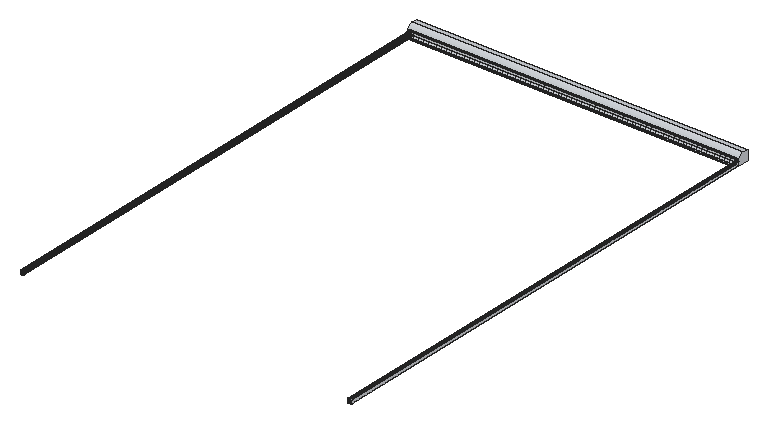
Revit family "StyRa® Zip Screen Z560", category Generic Models, host Face, Revit 2023
Family settings
  Host = Face
  Can host rebar = No
  Round Connector Dimension = Use Diameter
  Part Type = Normal
  Cut with Voids When Loaded = No
  Maintain Annotation Orientation = No
  Shared = No
  Room Calculation Point = No
Parameters (values of type "StyRa® Zip Screen Z560")
  Öppet och Stängt Max [instance] = if(Öppet och Stängt > 5857 mm, 5857 mm, if(Öppet och Stängt < 60 mm, 60 mm, Öppet och Stängt))  # 60 mm
  Öppet och Stängt [instance] = 0 mm
  URL = "www.styrasolskydd.se"
  Tillverkare = "StyRa® & KD Solskydd AB"  # constant formula
  Telefon = "0586-401 20"  # constant formula
  Postadress = "693 33 Degerfors"  # constant formula
  Max Höjd [instance] = if(Höjd > 6000 mm, 6000 mm, if(Höjd < 100 mm, 100 mm, Höjd))  # 6000 mm
  Max Bredd [instance] = if(Bredd > 4000 mm, 4000 mm, if(Bredd < 100 mm, 100 mm, Bredd))  # 4000 mm
  Kassett Round [instance] = not(Kassett Square)  # yes
  Kassett Square [instance] = no
  Höjd [instance] = 7000 mm
  E-post = "info@kdsolskydd.se"  # constant formula
  Default Elevation = 1219.2 mm
  Bredd [instance] = 7000 mm
  Adress = "Kranvägen 11"  # constant formula
Reference planes
  plane 1 "Center (Front/Back)": y = 0
  plane 2: z = 0
  plane 3 "Center (Left/Right)": x = 0
  plane 4 "Vänster Utsida": x = -2000
  plane 5 "Höger Utsida": x = 2000
  plane 6 "UK Kassett": y = 5857
  plane 7 "Öppet/Stängt": y = 5797
  plane 8: y = 0
  plane 9: y = 3800
  plane 10: x = -1963
  plane 11: x = 1963
  plane 12: x = 1963
  plane 13: z = 22.824
  plane 14: y = 6000
Forms (mm)
  Extrusion 1, solid
    sketch origin (0, 0, 17.824) x (1, 0, 0) y (0, 1, 0)
      loop
        line (-1973.903, 5833) -> (1973.779, 5833) -> (1973.779, 5857) -> (-1973.903, 5857) -> (-1973.903, 5833)
    from 4 to 5
Dimensions and locks
  equal spacing: plane 5 "Höger Utsida", plane 3 "Center (Left/Right)", plane 4 "Vänster Utsida"
  plane 5 "Höger Utsida" to plane 4 "Vänster Utsida" = 4000 mm
  "Max Bredd": plane 4 "Vänster Utsida" to plane 5 "Höger Utsida"
  equal spacing: plane 4 "Vänster Utsida", plane 3 "Center (Left/Right)", plane 5 "Höger Utsida"
  "Max Höjd": plane 14 to plane 1 "Center (Front/Back)"
  "Öppet och Stängt Max": plane 6 "UK Kassett" to plane 7 "Öppet/Stängt"
  plane 4 "Vänster Utsida" to plane 10 = 37 mm
  locked: plane 11 to plane 5 "Höger Utsida" at 37
  locked: plane 12 to plane 5 "Höger Utsida" at 37
  locked: plane 6 "UK Kassett" to plane 14 at 143
  aligned and locked: plane 2 to host face
  aligned and locked: level to host face
  aligned and locked: plane 5 "Höger Utsida" to nested 1
  aligned and locked: nested 1 to plane 4 "Vänster Utsida"
  aligned and locked: nested 1 to plane 6 "UK Kassett"
  aligned and locked: plane 5 "Höger Utsida" to nested 2
  aligned and locked: nested 2 to plane 4 "Vänster Utsida"
  aligned and locked: nested 2 to plane 6 "UK Kassett"
  aligned and locked: nested 4 to plane 6 "UK Kassett"  (x2)
  aligned and locked: nested 3 to plane 4 "Vänster Utsida"
  aligned and locked: plane 6 "UK Kassett" to nested 3  (x2)
  aligned and locked: nested 4 to plane 8
  aligned and locked: plane 8 to nested 3
  aligned and locked: nested 4 to plane 5 "Höger Utsida"
  aligned and locked: nested 5 to plane 7 "Öppet/Stängt"
  aligned and locked: plane 12 to nested 5
  aligned and locked: nested 5 to plane 10
  aligned and locked: Extrusion 1 sketch curve to nested 5
  aligned and locked: plane 14 to nested 2  (x2)
Automatic sketch dimensions
  host sketch curve to host sketch curve = 2438.4 mm  (x2)
  Extrusion 1 sketch curve to plane 6 "UK Kassett" = 0 mm
  plane 10 to Extrusion 1 sketch curve = 10.903 mm
  plane 11 to Extrusion 1 sketch curve = 10.779 mm
Nested families
  nested 1: "Kassett" at (0, 5857, 0), visible <- "Kassett Round", type "ZIP135 Basic"
    with Bredd 4000 mm
  nested 2: "Kassett" at (0, 5857, 0), visible <- "Kassett Square", type "ZIP135 Square"
    with Bredd 4000 mm
  nested 3: "Styrskena och Wire" at (-1962.83, 0, 0), type "ZIP Screw"
    with Styrkena Höjd 5857 mm
  nested 4: "Styrskena och Wire" at (1962.83, 0, 0) x (-1, 0, 0) z (0, 0, 1), type "ZIP Screw"
    with Styrkena Höjd 5857 mm
  nested 5: "Frontprofil" at (0, 5797, 8.274), type "Tung Frontprofil"
    with Höjd Fronprofil 36 mm, Fronprofil Bredd 3926 mm
Definition of nested family "Kassett"
  Parameters (values of type "ZIP135 Square")
    Bredd [instance] = 2500 mm
    80Basic = no
    80Square = no
    Default Elevation = 1219.2 mm
    135Square = yes
    135Basic = no
    110/RSquare special = no
    100Square = no
    100Basic = no
  Types (7, lengths in mm): name | Bredd | 80Basic | 80Square | 135Square | 135Basic | 110/RSquare special | 100Square | 100Basic
    ZIP80 Square | 2000 | no | yes | no | no | no | no | no
    ZIP80 Basic | 2500 | yes | no | no | no | no | no | no
    ZIP100 Square | 2000 | no | no | no | no | no | yes | no
    ZIP100 Basic | 3000 | no | no | no | no | no | no | yes
    ZIP110/R | 2500 | no | no | no | no | yes | no | no
    ZIP135 Basic | 2500 | no | no | no | yes | no | no | no
    ZIP135 Square | 2500 | no | no | yes | no | no | no | no
  Reference planes
    plane 1 "Center (Front/Back)": y = 0
    plane 2: z = 0
    plane 3 "Center (Left/Right)": x = 0
    plane 4: y = 84
    plane 5: x = -1250
    plane 6: x = 1250
    plane 7 "Zip100 ÖK": y = 101
    plane 8 "ZIP 135 ÖK": y = 143
    plane 9 "ZIP 110/R ÖK": y = 145
  Forms (mm)
    Extrusion 1, solid
      sketch origin (0, 0, 0) x (1, 0, 0) y (0, 1, 0)
        loop
          line (-1219.2, 1219.2) -> (-1219.2, -1219.2) -> (1219.2, -1219.2) -> (1219.2, 1219.2) -> (-1219.2, 1219.2)
      from 0 to -304.8
    Extrusion 2, solid, visible <- "80Square"
      sketch origin (0, 0, 0) x (0, 1, 0) y (0, 0, 1)
        loop
          line (84, 0) -> (84, 81) -> (0, 81) -> (0, 0) -> (84, 0)
      from -1250 to 1250
    Extrusion 3, solid, visible <- "80Basic"
      sketch origin (0, -413.252, 720.368) x (0, 0, 1) y (0, -1, 0)
        loop
          arc (-680.168, -498.252) -> (-664.35, -497.835) -> (-648.575, -496.587) r 300.5
          arc (-648.575, -496.587) -> (-641.423, -482.309) -> (-639.368, -466.473) r 47.841
          arc (-639.368, -466.473) -> (-641.646, -444.557) -> (-651.534, -424.867) r 61.231
          spline (-651.534, -424.867) -> (-652.513, -423.961) -> (-653.611, -423.078) -> (-654.829, -422.219) -> (-656.168, -421.385) -> (-657.627, -420.574) -> (-659.206, -419.787) -> (-660.905, -419.023) -> (-662.724, -418.284) -> (-664.663, -417.568) -> (-666.722, -416.876) -> (-668.902, -416.208) -> (-671.201, -415.564)
          arc (-671.201, -415.564) -> (-674.234, -413.847) -> (-677.668, -413.252) r 10.2
          line (-677.668, -413.252) -> (-720.368, -413.252) -> (-720.368, -498.252) -> (-680.168, -498.252)
      from -1250 to 1250
    Extrusion 4, solid, visible <- "100Square"
      sketch origin (0, 17, 20) x (0, 1, 0) y (0, 0, 1)
        loop
          line (86, -20) -> (86, 81) -> (-17, 81) -> (-17, -20) -> (86, -20)
      from -1250 to 1250
    Extrusion 5, solid, visible <- "110/RSquare special"
      sketch origin (0, 59, 29) x (0, 1, 0) y (0, 0, 1)
        loop
          line (86, -29) -> (86, 81) -> (-59, 81) -> (-59, -29) -> (86, -29)
      from -1250 to 1250
    Extrusion 6, solid, visible <- "135Square"
      sketch origin (0, 57, 20) x (0, 1, 0) y (0, 0, 1)
        loop
          line (86, -20) -> (86, 110) -> (-57, 110) -> (-57, -20) -> (86, -20)
      from -1250 to 1250
    Extrusion 7, solid, visible <- "135Basic"
      sketch origin (0, -364.252, 720.368) x (0, 0, 1) y (0, -1, 0)
        loop
          arc (-664.557, -507.252) -> (-633.704, -506.11) -> (-603.019, -502.689) r 417.198
          arc (-603.019, -502.689) -> (-592.701, -462.707) -> (-588.411, -421.638) r 278.364
          arc (-588.411, -421.638) -> (-610.002, -389.088) -> (-642.603, -367.573) r 97.879
          arc (-642.603, -367.573) -> (-647.355, -367.49) -> (-652.107, -367.462) r 417.198
          arc (-652.107, -367.462) -> (-656.318, -365.079) -> (-661.086, -364.252) r 14.161
          line (-661.086, -364.252) -> (-720.368, -364.252) -> (-720.368, -507.252) -> (-664.557, -507.252)
      from -1250 to 1250
    Extrusion 8, solid, visible <- "100Square"
      sketch origin (0, 17, -9) x (0, 1, 0) y (0, 0, 1)
        loop
          line (86, 9) -> (86, 110) -> (-17, 110) -> (-17, 9) -> (86, 9)
      from -1250 to 1250
    Extrusion 9, solid, visible <- "100Basic"
      sketch origin (0, 1185.162, -1153.188) x (0, 1, 0) y (0, 0, 1)
        loop
          arc (-1082.161, 1193.388) -> (-1083.226, 1218.659) -> (-1086.412, 1243.75) r 300.5
          arc (-1086.412, 1243.75) -> (-1115.093, 1251.122) -> (-1144.548, 1254.19) r 200.5
          arc (-1144.548, 1254.19) -> (-1167.052, 1239.563) -> (-1182.46, 1217.586) r 70.5
          arc (-1182.46, 1217.586) -> (-1182.751, 1209.973) -> (-1182.85, 1202.355) r 300.5
          arc (-1182.85, 1202.355) -> (-1184.566, 1199.322) -> (-1185.162, 1195.888) r 10.2
          line (-1185.162, 1195.888) -> (-1185.162, 1153.188) -> (-1082.161, 1153.188) -> (-1082.161, 1193.388)
      from -1250 to 1250
  Dimensions and locks
    "Bredd": plane 5 to plane 6
    equal spacing: plane 5, plane 3 "Center (Left/Right)", plane 6
    aligned and locked: plane 2 to Extrusion 1
    aligned and locked: level to Extrusion 1
    aligned and locked: plane 4 to Extrusion 2
    aligned and locked: plane 5 to Extrusion 2
    aligned and locked: plane 6 to Extrusion 2
    aligned and locked: plane 1 "Center (Front/Back)" to Extrusion 2  (x2)
    aligned and locked: Extrusion 2 to level
    aligned and locked: Extrusion 3 to Extrusion 2  (x2)
    aligned and locked: Extrusion 4 to plane 6
    aligned and locked: plane 5 to Extrusion 4
    aligned and locked: plane 5 to Extrusion 5
    aligned and locked: Extrusion 5 to plane 6
    aligned and locked: Extrusion 6 to plane 6
    aligned and locked: plane 5 to Extrusion 6
    aligned and locked: plane 5 to Extrusion 7
    aligned and locked: Extrusion 7 to plane 6
    aligned and locked: Extrusion 8 to plane 6
    aligned and locked: plane 5 to Extrusion 8
    aligned and locked: plane 5 to Extrusion 9
    aligned and locked: Extrusion 9 to plane 6
  Automatic sketch dimensions
    Extrusion 1 sketch curve to Extrusion 1 sketch curve = 2438.4 mm  (x2)
    Extrusion 2 sketch curve to level = 0 mm
    Extrusion 2 sketch curve to plane 1 "Center (Front/Back)" = 0 mm
    Extrusion 2 sketch curve to plane 4 = 0 mm
    level to Extrusion 2 sketch curve = 81 mm
    Extrusion 3 sketch curve to level = 0 mm
    Extrusion 3 sketch curve to plane 1 "Center (Front/Back)" = 0 mm
    Extrusion 3 sketch curve to level = 19.952 mm
    Extrusion 3 sketch curve to Extrusion 3 sketch curve = 13.243 mm
    Extrusion 3 sketch curve to level = 40.2 mm
    plane 1 "Center (Front/Back)" to Extrusion 3 sketch curve = 10.2 mm
    Extrusion 3 sketch curve to level = 42.7 mm
    plane 1 "Center (Front/Back)" to Extrusion 3 sketch curve = 2.312 mm
    plane 1 "Center (Front/Back)" to Extrusion 3 sketch curve = 11.615 mm
    Extrusion 3 sketch curve to Extrusion 3 sketch curve = 19.667 mm
    Extrusion 3 sketch curve to plane 1 "Center (Front/Back)" = 215.5 mm
    plane 4 to Extrusion 3 sketch curve = 35.51 mm
    Extrusion 3 sketch curve to Extrusion 3 sketch curve = 6.579 mm
    Extrusion 3 sketch curve to plane 4 = 1 mm
    plane 4 to Extrusion 3 sketch curve = 0.665 mm
    Extrusion 4 sketch curve to level = 0 mm
    Extrusion 4 sketch curve to plane 1 "Center (Front/Back)" = 0 mm
    Extrusion 4 sketch curve to plane 7 "Zip100 ÖK" = 2 mm
    level to Extrusion 4 sketch curve = 101 mm
    Extrusion 5 sketch curve to level = 0 mm
    Extrusion 5 sketch curve to plane 1 "Center (Front/Back)" = 0 mm
    Extrusion 5 sketch curve to plane 9 "ZIP 110/R ÖK" = 0 mm
    level to Extrusion 5 sketch curve = 110 mm
    Extrusion 6 sketch curve to level = 0 mm
    Extrusion 6 sketch curve to plane 1 "Center (Front/Back)" = 0 mm
    Extrusion 6 sketch curve to plane 8 "ZIP 135 ÖK" = 0 mm
    level to Extrusion 6 sketch curve = 130 mm
    Extrusion 7 sketch curve to level = 0 mm
    Extrusion 7 sketch curve to plane 8 "ZIP 135 ÖK" = 0 mm
    Extrusion 7 sketch curve to plane 1 "Center (Front/Back)" = 0 mm
    plane 4 to Extrusion 7 sketch curve = 34.921 mm
    level to Extrusion 7 sketch curve = 146.283 mm
    Extrusion 7 sketch curve to plane 7 "Zip100 ÖK" = 6.873 mm
    Extrusion 7 sketch curve to level = 41.236 mm
    Extrusion 7 sketch curve to level = 55.812 mm
    Extrusion 7 sketch curve to Extrusion 7 sketch curve = 59.283 mm
    Extrusion 7 sketch curve to level = 68.161 mm
    Extrusion 7 sketch curve to plane 1 "Center (Front/Back)" = 274.198 mm
    plane 1 "Center (Front/Back)" to Extrusion 7 sketch curve = 14.161 mm
    plane 9 "ZIP 110/R ÖK" to Extrusion 7 sketch curve = 275.408 mm
    plane 1 "Center (Front/Back)" to Extrusion 7 sketch curve = 3.21 mm
    plane 1 "Center (Front/Back)" to Extrusion 7 sketch curve = 3.321 mm
    Extrusion 7 sketch curve to plane 8 "ZIP 135 ÖK" = 4.563 mm
    level to Extrusion 8 sketch curve = 0 mm
    plane 1 "Center (Front/Back)" to Extrusion 8 sketch curve = 0 mm
    Extrusion 8 sketch curve to Extrusion 8 sketch curve = 103 mm
    Extrusion 8 sketch curve to Extrusion 8 sketch curve = 101 mm
    plane 1 "Center (Front/Back)" to Extrusion 9 sketch curve = 197.5 mm
    level to Extrusion 9 sketch curve = 40.2 mm
    Extrusion 9 sketch curve to Extrusion 9 sketch curve = 4.25 mm
    Extrusion 9 sketch curve to Extrusion 9 sketch curve = 40.2 mm
    Extrusion 9 sketch curve to Extrusion 9 sketch curve = 103 mm
    Extrusion 9 sketch curve to Extrusion 9 sketch curve = 42.7 mm
    Extrusion 9 sketch curve to Extrusion 9 sketch curve = 34.63 mm
    Extrusion 9 sketch curve to Extrusion 9 sketch curve = 99.409 mm
    Extrusion 9 sketch curve to Extrusion 9 sketch curve = 58.136 mm
    Extrusion 9 sketch curve to Extrusion 9 sketch curve = 35.922 mm
    Extrusion 9 sketch curve to Extrusion 9 sketch curve = 4.543 mm
    Extrusion 9 sketch curve to Extrusion 9 sketch curve = 2.702 mm
    Extrusion 9 sketch curve to Extrusion 9 sketch curve = 10.2 mm
    Extrusion 9 sketch curve to Extrusion 9 sketch curve = 199.812 mm
    Extrusion 9 sketch curve to Extrusion 9 sketch curve = 8.895 mm
    Extrusion 9 sketch curve to Extrusion 9 sketch curve = 2.312 mm
Definition of nested family "Styrskena och Wire"
  Parameters (values of type "ZIP Screw")
    Styrkena Höjd [instance] = 3000 mm
    Default Elevation = 0 mm
    ZIP Snap = no
    ZIP Screw = yes
  Types (2, lengths in mm): name | ZIP Snap | ZIP Screw
    ZIP Screw | no | yes
    ZIP Snap | yes | no
  Reference planes
    plane 1 "Center (Front/Back)": y = 0
    plane 2: z = 0
    plane 3 "Center (Left/Right)": x = 0
    plane 4 "Topp Styrskena": y = 3000
    plane 5: y = 1500
    plane 6: y = 0
    plane 7: y = 2.5
  Forms (mm)
    Extrusion 1, solid
      sketch origin (0, 0, 0) x (1, 0, 0) y (0, 1, 0)
        loop
          line (-1219.2, 1219.2) -> (-1219.2, -1219.2) -> (1219.2, -1219.2) -> (1219.2, 1219.2) -> (-1219.2, 1219.2)
      from 0 to -304.8
    Extrusion 2, solid, not visible
      sketch origin (-57.376, 0, 84) x (0, 0, 1) y (-1, 0, 0)
        loop
          arc (17.746, -135.479) -> (17.419, -135.84) -> (17.3, -136.312) r 1
          line (17.3, -136.312) -> (17.3, -137.681)
          arc (17.3, -137.681) -> (17.797, -138.797) -> (18.96, -139.173) r 1.5
          arc (18.96, -139.173) -> (20.716, -138.945) -> (22.46, -138.64) r 40
          arc (22.46, -138.64) -> (24.032, -137.954) -> (25.172, -136.674) r 4
          line (25.172, -136.674) -> (27.808, -131.977)
          arc (27.808, -131.977) -> (28.04, -131.452) -> (28.167, -130.893) r 3
          arc (28.167, -130.893) -> (29.4, -111.7) -> (28.167, -92.507) r 150
          arc (28.167, -92.507) -> (28.04, -91.948) -> (27.808, -91.423) r 3
          line (27.808, -91.423) -> (25.172, -86.726)
          arc (25.172, -86.726) -> (24.032, -85.446) -> (22.46, -84.76) r 4
          arc (22.46, -84.76) -> (14.7, -84) -> (6.94, -84.76) r 40
          arc (6.94, -84.76) -> (5.368, -85.446) -> (4.228, -86.726) r 4
          line (4.228, -86.726) -> (1.592, -91.423)
          arc (1.592, -91.423) -> (1.36, -91.948) -> (1.233, -92.507) r 3
          arc (1.233, -92.507) -> (0, -111.7) -> (1.233, -130.893) r 150
          arc (1.233, -130.893) -> (1.36, -131.452) -> (1.592, -131.977) r 3
          line (1.592, -131.977) -> (4.228, -136.674)
          arc (4.228, -136.674) -> (5.368, -137.954) -> (6.94, -138.64) r 4
          arc (6.94, -138.64) -> (8.684, -138.945) -> (10.44, -139.173) r 40
          arc (10.44, -139.173) -> (11.603, -138.797) -> (12.1, -137.681) r 1.5
          line (12.1, -137.681) -> (12.1, -136.312)
          arc (12.1, -136.312) -> (11.981, -135.84) -> (11.654, -135.479) r 1
          arc (11.654, -135.479) -> (14.7, -125.4) -> (17.746, -135.479) r 5.5
      from -2000 to 0
    Extrusion 3, solid, not visible
      sketch origin (-176.699, 0, 216.305) x (-1, 0, 0) y (0, 0, -1)
        loop
          arc (-180.838, 125.477) -> (-181.495, 126.738) -> (-182.824, 127.244) r 2
          line (-182.824, 127.244) -> (-189.511, 127.244) -> (-189.511, 125.744) -> (-185.961, 125.744) -> (-185.961, 122.444)
          arc (-185.961, 122.444) -> (-186.254, 121.737) -> (-186.961, 121.444) r 1
          line (-186.961, 121.444) -> (-200.561, 121.444)
          arc (-200.561, 121.444) -> (-201.268, 121.737) -> (-201.561, 122.444) r 1
          line (-201.561, 122.444) -> (-201.561, 125.244)
          arc (-201.561, 125.244) -> (-201.415, 125.598) -> (-201.061, 125.744) r 0.5
          line (-201.061, 125.744) -> (-198.011, 125.744) -> (-198.011, 127.244) -> (-208.822, 127.244) -> (-215.461, 127.244)
          arc (-215.461, 127.244) -> (-216.875, 126.658) -> (-217.461, 125.244) r 2
          line (-217.461, 125.244) -> (-217.461, 82.194)
          arc (-217.461, 82.194) -> (-216.261, 82.994) -> (-215.061, 82.194) r 1.3
          line (-215.061, 82.194) -> (-215.061, 80.494) -> (-213.461, 82.894) -> (-213.461, 83.894)
          arc (-213.461, 83.894) -> (-213.608, 84.248) -> (-213.961, 84.394) r 0.5
          line (-213.961, 84.394) -> (-215.561, 84.394)
          arc (-215.561, 84.394) -> (-215.915, 84.54) -> (-216.061, 84.894) r 0.5
          line (-216.061, 84.894) -> (-216.061, 97.644)
          arc (-216.061, 97.644) -> (-215.915, 97.998) -> (-215.561, 98.144) r 0.5
          line (-215.561, 98.144) -> (-207.855, 98.144) -> (-202.661, 98.144) -> (-202.661, 90.244)
          arc (-202.661, 90.244) -> (-202.472, 89.395) -> (-201.941, 88.707) r 2
          arc (-201.941, 88.707) -> (-202.383, 87.923) -> (-201.496, 87.772) r 0.55
          arc (-201.496, 87.772) -> (-200.356, 88.244) -> (-199.218, 87.764) r 1.6
          line (-199.218, 87.764) -> (-198.623, 87.157)
          arc (-198.623, 87.157) -> (-198.409, 86.624) -> (-198.634, 86.096) r 0.75
          line (-198.634, 86.096) -> (-199.241, 85.501)
          arc (-199.241, 85.501) -> (-200.372, 85.044) -> (-201.496, 85.516) r 1.6
          arc (-201.496, 85.516) -> (-202.274, 85.519) -> (-202.276, 84.741) r 0.55
          arc (-202.276, 84.741) -> (-200.858, 83.99) -> (-199.264, 84.177) r 2.7
          arc (-199.264, 84.177) -> (-198.758, 84.118) -> (-198.539, 83.641) r 0.5
          arc (-198.539, 83.641) -> (-198.077, 82.039) -> (-196.561, 81.344) r 2
          line (-196.561, 81.344) -> (-186.271, 81.344)
          arc (-186.271, 81.344) -> (-186.113, 82.109) -> (-186.761, 82.544) r 0.7
          line (-186.761, 82.544) -> (-196.061, 82.544)
          arc (-196.061, 82.544) -> (-196.768, 82.837) -> (-197.061, 83.544) r 1
          line (-197.061, 83.544) -> (-197.061, 85.744)
          arc (-197.061, 85.744) -> (-196.768, 86.451) -> (-196.061, 86.744) r 1
          line (-196.061, 86.744) -> (-186.271, 86.744)
          arc (-186.271, 86.744) -> (-186.113, 87.509) -> (-186.761, 87.944) r 0.7
          line (-186.761, 87.944) -> (-197.186, 87.944) -> (-197.186, 88.865)
          arc (-197.186, 88.865) -> (-197.537, 89.425) -> (-198.161, 89.644) r 1
          line (-198.161, 89.644) -> (-200.261, 89.644)
          arc (-200.261, 89.644) -> (-200.968, 89.937) -> (-201.261, 90.644) r 1
          line (-201.261, 90.644) -> (-201.261, 106.63) -> (-201.261, 120.044) -> (-186.961, 120.044)
          arc (-186.961, 120.044) -> (-186.254, 119.751) -> (-185.961, 119.044) r 1
          line (-185.961, 119.044) -> (-185.961, 114.394)
          arc (-185.961, 114.394) -> (-186.108, 114.04) -> (-186.461, 113.894) r 0.5
          line (-186.461, 113.894) -> (-189.761, 113.894)
          arc (-189.761, 113.894) -> (-190.164, 113.69) -> (-190.238, 113.244) r 0.5
          arc (-190.238, 113.244) -> (-190.164, 112.798) -> (-189.761, 112.594) r 0.5
          line (-189.761, 112.594) -> (-181.261, 112.594)
          arc (-181.261, 112.594) -> (-180.645, 112.806) -> (-180.291, 113.353) r 1
          arc (-180.291, 113.353) -> (-180.348, 119.424) -> (-180.838, 125.477) r 85
      from 0 to 1000
    Extrusion 4, solid, not visible
      sketch origin (-259.865, 0, 232.637) x (-1, 0, 0) y (0, 0, -1)
        loop
          arc (-269.928, 112.108) -> (-269.574, 111.961) -> (-269.428, 111.608) r 0.5
          line (-269.428, 111.608) -> (-269.428, 105.708) -> (-279.528, 105.708)
          arc (-279.528, 105.708) -> (-279.931, 105.503) -> (-280.005, 105.058) r 0.5
          arc (-280.005, 105.058) -> (-279.931, 104.612) -> (-279.528, 104.408) r 0.5
          line (-279.528, 104.408) -> (-269.928, 104.408)
          arc (-269.928, 104.408) -> (-269.574, 104.261) -> (-269.428, 103.908) r 0.5
          line (-269.428, 103.908) -> (-269.428, 100.439) -> (-269.428, 96.999)
          arc (-269.428, 96.999) -> (-270.877, 97.055) -> (-272.017, 96.157) r 2.1
          arc (-272.017, 96.157) -> (-275.272, 96.106) -> (-278.528, 96.091) r 298.7
          arc (-278.528, 96.091) -> (-278.881, 96.237) -> (-279.028, 96.59) r 0.5
          arc (-279.028, 96.59) -> (-279.285, 97.027) -> (-279.793, 97.014) r 0.5
          line (-279.793, 97.014) -> (-281.246, 96.105)
          arc (-281.246, 96.105) -> (-290.192, 96.328) -> (-299.128, 96.818) r 298.7
          line (-299.128, 96.818) -> (-299.128, 98.232)
          arc (-299.128, 98.232) -> (-299.974, 98.329) -> (-300.428, 97.608) r 0.8
          line (-300.428, 97.608) -> (-300.428, 96.538)
          arc (-300.428, 96.538) -> (-300.159, 95.856) -> (-299.498, 95.54) r 1
          arc (-299.498, 95.54) -> (-282.903, 94.826) -> (-266.294, 95.032) r 300
          arc (-266.294, 95.032) -> (-264.988, 95.589) -> (-264.381, 96.872) r 2
          arc (-264.381, 96.872) -> (-263.911, 104.632) -> (-263.73, 112.403) r 209.706
          arc (-263.73, 112.403) -> (-264.021, 113.113) -> (-264.73, 113.408) r 1
          line (-264.73, 113.408) -> (-273.228, 113.408)
          arc (-273.228, 113.408) -> (-273.631, 113.203) -> (-273.705, 112.758) r 0.5
          arc (-273.705, 112.758) -> (-273.631, 112.312) -> (-273.228, 112.108) r 0.5
          line (-273.228, 112.108) -> (-269.928, 112.108)
      from 0 to 1000
    Extrusion 5, solid, visible <- "ZIP Snap"
      sketch origin (0, 0, 124.199) x (1, 0, 0) y (0, 0, 1)
        loop
          line (-9.05, -124.199) -> (-4.381, -124.199)
          arc (-4.381, -124.199) -> (-1.693, -123.162) -> (-0.4, -120.587) r 4
          arc (-0.4, -120.587) -> (-0.1, -116.473) -> (0, -112.349) r 85
          line (0, -112.349) -> (0, -110.349)
          arc (0, -110.349) -> (-0.293, -109.642) -> (-1, -109.349) r 1
          line (-1, -109.349) -> (-9.5, -109.349)
          arc (-9.5, -109.349) -> (-9.903, -109.554) -> (-9.977, -109.999) r 0.5
          arc (-9.977, -109.999) -> (-9.903, -110.445) -> (-9.5, -110.649) r 0.5
          line (-9.5, -110.649) -> (-6.7, -110.649)
          arc (-6.7, -110.649) -> (-5.993, -110.942) -> (-5.7, -111.649) r 1
          line (-5.7, -111.649) -> (-5.7, -115.999)
          arc (-5.7, -115.999) -> (-5.993, -116.706) -> (-6.7, -116.999) r 1
          line (-6.7, -116.999) -> (-20.6, -116.999)
          arc (-20.6, -116.999) -> (-21.095, -116.794) -> (-21.3, -116.299) r 0.7
          line (-21.3, -116.299) -> (-21.3, -86.452)
          arc (-21.3, -86.452) -> (-21.025, -85.764) -> (-20.352, -85.453) r 1
          line (-20.352, -85.453) -> (-11.673, -84.999)
          arc (-11.673, -84.999) -> (-11.2, -84.473) -> (-11.725, -84) r 0.5
          line (-11.725, -84) -> (-20.405, -84.455)
          arc (-20.405, -84.455) -> (-21.746, -85.071) -> (-22.3, -86.439) r 2
          line (-22.3, -86.439) -> (-22.495, -116.304)
          arc (-22.495, -116.304) -> (-22.702, -116.796) -> (-23.195, -116.999) r 0.7
          line (-23.195, -116.999) -> (-26.585, -116.999)
          arc (-26.585, -116.999) -> (-27.068, -117.079) -> (-27.5, -117.311) r 1.5
          arc (-27.5, -117.311) -> (-27.932, -117.079) -> (-28.415, -116.999) r 1.5
          line (-28.415, -116.999) -> (-34.9, -116.999)
          arc (-34.9, -116.999) -> (-35.607, -116.706) -> (-35.9, -115.999) r 1
          line (-35.9, -115.999) -> (-35.9, -97.499)
          arc (-35.9, -97.499) -> (-35.607, -96.792) -> (-34.9, -96.499) r 1
          line (-34.9, -96.499) -> (-32.53, -96.499) -> (-32.53, -94.802) -> (-34.727, -94.676)
          arc (-34.727, -94.676) -> (-35.037, -94.911) -> (-35.421, -94.853) r 0.5
          arc (-35.421, -94.853) -> (-35.772, -94.489) -> (-35.9, -93.999) r 1
          line (-35.9, -93.999) -> (-35.9, -92.699)
          arc (-35.9, -92.699) -> (-35.772, -92.21) -> (-35.421, -91.846) r 1
          line (-35.421, -91.846) -> (-31.8, -92.008) -> (-31.8, -87.723)
          arc (-31.8, -87.723) -> (-32.263, -85.806) -> (-33.55, -84.312) r 4.2
          arc (-33.55, -84.312) -> (-34.387, -84.449) -> (-34.25, -85.287) r 0.6
          arc (-34.25, -85.287) -> (-33.273, -86.472) -> (-33.011, -87.985) r 3
          arc (-33.011, -87.985) -> (-33.512, -89.536) -> (-35, -90.199) r 2
          line (-35, -90.199) -> (-36.2, -90.199)
          arc (-36.2, -90.199) -> (-36.907, -90.492) -> (-37.2, -91.199) r 1
          line (-37.2, -91.199) -> (-37.2, -120.199)
          arc (-37.2, -120.199) -> (-36.028, -123.028) -> (-33.2, -124.199) r 4
          line (-33.2, -124.199) -> (-28.415, -124.199)
          arc (-28.415, -124.199) -> (-27.932, -124.119) -> (-27.5, -123.888) r 1.5
          arc (-27.5, -123.888) -> (-27.068, -124.119) -> (-26.585, -124.199) r 1.5
          line (-26.585, -124.199) -> (-17.55, -124.199) -> (-17.55, -122.699) -> (-20.2, -122.699)
          arc (-20.2, -122.699) -> (-20.695, -122.494) -> (-20.9, -121.999) r 0.7
          line (-20.9, -121.999) -> (-20.9, -118.999)
          arc (-20.9, -118.999) -> (-20.695, -118.504) -> (-20.2, -118.299) r 0.7
          line (-20.2, -118.299) -> (-6.4, -118.299)
          arc (-6.4, -118.299) -> (-5.905, -118.504) -> (-5.7, -118.999) r 0.7
          line (-5.7, -118.999) -> (-5.7, -121.999)
          arc (-5.7, -121.999) -> (-5.905, -122.494) -> (-6.4, -122.699) r 0.7
          line (-6.4, -122.699) -> (-9.05, -122.699) -> (-9.05, -124.199)
      from -3000 to -2.5
    Extrusion 6, solid, visible <- "ZIP Snap"
      sketch origin (74.851, 0, 140.393) x (1, 0, 0) y (0, 0, 1)
        loop
          arc (-109.847, -101.412) -> (-109.739, -100.514) -> (-108.952, -100.07) r 1
          arc (-108.952, -100.07) -> (-97.638, -99.765) -> (-86.321, -99.848) r 328.7
          line (-86.321, -99.848) -> (-86.321, -101.31)
          arc (-86.321, -101.31) -> (-87.128, -101.473) -> (-87.946, -101.57) r 10
          arc (-87.946, -101.57) -> (-88.221, -101.835) -> (-88.013, -102.155) r 0.3
          arc (-88.013, -102.155) -> (-87.167, -102.373) -> (-86.302, -102.497) r 8
          arc (-86.302, -102.497) -> (-85.863, -102.41) -> (-85.539, -102.1) r 0.8
          line (-85.539, -102.1) -> (-85.048, -101.25)
          arc (-85.048, -101.25) -> (-84.682, -100.884) -> (-84.182, -100.75) r 1
          line (-84.182, -100.75) -> (-81.821, -100.75)
          arc (-81.821, -100.75) -> (-81.114, -101.043) -> (-80.821, -101.75) r 1
          line (-80.821, -101.75) -> (-80.821, -107.45)
          arc (-80.821, -107.45) -> (-81.114, -108.157) -> (-81.821, -108.45) r 1
          line (-81.821, -108.45) -> (-84.621, -108.45)
          arc (-84.621, -108.45) -> (-85.024, -108.654) -> (-85.098, -109.1) r 0.5
          arc (-85.098, -109.1) -> (-85.024, -109.546) -> (-84.621, -109.75) r 0.5
          line (-84.621, -109.75) -> (-82.408, -109.75)
          arc (-82.408, -109.75) -> (-79.55, -109.545) -> (-76.752, -108.934) r 20
          line (-76.752, -108.934) -> (-75.847, -108.667)
          arc (-75.847, -108.667) -> (-75.324, -108.299) -> (-75.13, -107.69) r 1
          arc (-75.13, -107.69) -> (-75.298, -104.14) -> (-75.676, -100.605) r 60
          arc (-75.676, -100.605) -> (-76.305, -99.404) -> (-77.556, -98.879) r 2
          arc (-77.556, -98.879) -> (-93.855, -98.449) -> (-110.155, -98.825) r 330
          arc (-110.155, -98.825) -> (-110.831, -99.133) -> (-111.108, -99.823) r 1
          line (-111.108, -99.823) -> (-111.108, -104.871)
          arc (-111.108, -104.871) -> (-110.01, -105.867) -> (-109.127, -104.678) r 1
          arc (-109.127, -104.678) -> (-109.129, -103.987) -> (-109.289, -103.315) r 3
          line (-109.289, -103.315) -> (-109.966, -101.455)
      from -3000 to -2.5
    Extrusion 7, solid, visible <- "ZIP Screw"
      sketch origin (180.291, 0, 127.244) x (1, 0, 0) y (0, 0, 1)
        loop
          arc (-180.838, -125.477) -> (-180.348, -119.424) -> (-180.291, -113.353) r 85
          arc (-180.291, -113.353) -> (-180.645, -112.806) -> (-181.261, -112.594) r 1
          line (-181.261, -112.594) -> (-189.761, -112.594)
          arc (-189.761, -112.594) -> (-190.164, -112.798) -> (-190.238, -113.244) r 0.5
          arc (-190.238, -113.244) -> (-190.164, -113.69) -> (-189.761, -113.894) r 0.5
          line (-189.761, -113.894) -> (-186.461, -113.894)
          arc (-186.461, -113.894) -> (-186.108, -114.04) -> (-185.961, -114.394) r 0.5
          line (-185.961, -114.394) -> (-185.961, -119.044)
          arc (-185.961, -119.044) -> (-186.254, -119.751) -> (-186.961, -120.044) r 1
          line (-186.961, -120.044) -> (-201.261, -120.044) -> (-201.261, -106.63) -> (-201.261, -90.644)
          arc (-201.261, -90.644) -> (-200.968, -89.937) -> (-200.261, -89.644) r 1
          line (-200.261, -89.644) -> (-198.161, -89.644)
          arc (-198.161, -89.644) -> (-197.537, -89.425) -> (-197.186, -88.865) r 1
          line (-197.186, -88.865) -> (-197.186, -87.944) -> (-186.761, -87.944)
          arc (-186.761, -87.944) -> (-186.113, -87.509) -> (-186.271, -86.744) r 0.7
          line (-186.271, -86.744) -> (-196.061, -86.744)
          arc (-196.061, -86.744) -> (-196.768, -86.451) -> (-197.061, -85.744) r 1
          line (-197.061, -85.744) -> (-197.061, -83.544)
          arc (-197.061, -83.544) -> (-196.768, -82.837) -> (-196.061, -82.544) r 1
          line (-196.061, -82.544) -> (-186.761, -82.544)
          arc (-186.761, -82.544) -> (-186.113, -82.109) -> (-186.271, -81.344) r 0.7
          line (-186.271, -81.344) -> (-196.561, -81.344)
          arc (-196.561, -81.344) -> (-198.077, -82.039) -> (-198.539, -83.641) r 2
          arc (-198.539, -83.641) -> (-198.758, -84.118) -> (-199.264, -84.177) r 0.5
          arc (-199.264, -84.177) -> (-200.858, -83.99) -> (-202.276, -84.741) r 2.7
          arc (-202.276, -84.741) -> (-202.274, -85.519) -> (-201.496, -85.516) r 0.55
          arc (-201.496, -85.516) -> (-200.372, -85.044) -> (-199.241, -85.501) r 1.6
          line (-199.241, -85.501) -> (-198.634, -86.096)
          arc (-198.634, -86.096) -> (-198.409, -86.624) -> (-198.623, -87.157) r 0.75
          line (-198.623, -87.157) -> (-199.218, -87.764)
          arc (-199.218, -87.764) -> (-200.356, -88.244) -> (-201.496, -87.772) r 1.6
          arc (-201.496, -87.772) -> (-202.383, -87.923) -> (-201.941, -88.707) r 0.55
          arc (-201.941, -88.707) -> (-202.472, -89.395) -> (-202.661, -90.244) r 2
          line (-202.661, -90.244) -> (-202.661, -98.144) -> (-207.855, -98.144) -> (-215.561, -98.144)
          arc (-215.561, -98.144) -> (-215.915, -97.998) -> (-216.061, -97.644) r 0.5
          line (-216.061, -97.644) -> (-216.061, -84.894)
          arc (-216.061, -84.894) -> (-215.915, -84.54) -> (-215.561, -84.394) r 0.5
          line (-215.561, -84.394) -> (-213.961, -84.394)
          arc (-213.961, -84.394) -> (-213.608, -84.248) -> (-213.461, -83.894) r 0.5
          line (-213.461, -83.894) -> (-213.461, -82.894) -> (-215.061, -80.494) -> (-215.061, -82.194)
          arc (-215.061, -82.194) -> (-216.261, -82.994) -> (-217.461, -82.194) r 1.3
          line (-217.461, -82.194) -> (-217.461, -125.244)
          arc (-217.461, -125.244) -> (-216.875, -126.658) -> (-215.461, -127.244) r 2
          line (-215.461, -127.244) -> (-208.822, -127.244) -> (-198.011, -127.244) -> (-198.011, -125.744) -> (-201.061, -125.744)
          arc (-201.061, -125.744) -> (-201.415, -125.598) -> (-201.561, -125.244) r 0.5
          line (-201.561, -125.244) -> (-201.561, -122.444)
          arc (-201.561, -122.444) -> (-201.268, -121.737) -> (-200.561, -121.444) r 1
          line (-200.561, -121.444) -> (-186.961, -121.444)
          arc (-186.961, -121.444) -> (-186.254, -121.737) -> (-185.961, -122.444) r 1
          line (-185.961, -122.444) -> (-185.961, -125.744) -> (-189.511, -125.744) -> (-189.511, -127.244) -> (-182.824, -127.244)
          arc (-182.824, -127.244) -> (-181.495, -126.738) -> (-180.838, -125.477) r 2
      from -3000 to -2.5
    Extrusion 8, solid, visible <- "ZIP Screw"
      sketch origin (263.457, 0, 143.576) x (1, 0, 0) y (0, 0, 1)
        loop
          line (-269.928, -112.108) -> (-273.228, -112.108)
          arc (-273.228, -112.108) -> (-273.631, -112.312) -> (-273.705, -112.758) r 0.5
          arc (-273.705, -112.758) -> (-273.631, -113.203) -> (-273.228, -113.408) r 0.5
          line (-273.228, -113.408) -> (-264.73, -113.408)
          arc (-264.73, -113.408) -> (-264.021, -113.113) -> (-263.73, -112.403) r 1
          arc (-263.73, -112.403) -> (-263.911, -104.632) -> (-264.381, -96.872) r 209.706
          arc (-264.381, -96.872) -> (-264.988, -95.589) -> (-266.294, -95.032) r 2
          arc (-266.294, -95.032) -> (-282.903, -94.826) -> (-299.498, -95.54) r 300
          arc (-299.498, -95.54) -> (-300.159, -95.856) -> (-300.428, -96.538) r 1
          line (-300.428, -96.538) -> (-300.428, -97.608)
          arc (-300.428, -97.608) -> (-299.974, -98.329) -> (-299.128, -98.232) r 0.8
          line (-299.128, -98.232) -> (-299.128, -96.818)
          arc (-299.128, -96.818) -> (-290.192, -96.328) -> (-281.246, -96.105) r 298.7
          line (-281.246, -96.105) -> (-279.793, -97.014)
          arc (-279.793, -97.014) -> (-279.285, -97.027) -> (-279.028, -96.59) r 0.5
          arc (-279.028, -96.59) -> (-278.881, -96.237) -> (-278.528, -96.091) r 0.5
          arc (-278.528, -96.091) -> (-275.272, -96.106) -> (-272.017, -96.157) r 298.7
          arc (-272.017, -96.157) -> (-270.877, -97.055) -> (-269.428, -96.999) r 2.1
          line (-269.428, -96.999) -> (-269.428, -100.439) -> (-269.428, -103.908)
          arc (-269.428, -103.908) -> (-269.574, -104.261) -> (-269.928, -104.408) r 0.5
          line (-269.928, -104.408) -> (-279.528, -104.408)
          arc (-279.528, -104.408) -> (-279.931, -104.612) -> (-280.005, -105.058) r 0.5
          arc (-280.005, -105.058) -> (-279.931, -105.503) -> (-279.528, -105.708) r 0.5
          line (-279.528, -105.708) -> (-269.428, -105.708) -> (-269.428, -111.608)
          arc (-269.428, -111.608) -> (-269.574, -111.961) -> (-269.928, -112.108) r 0.5
      from -3000 to -2.5
    Extrusion 9, solid, visible <- "ZIP Screw"
      sketch origin (0, 0, 0) x (1, 0, 0) y (0, 0, 1)
        loop
          arc (-37.17, 2) -> (-36.585, 0.586) -> (-35.17, 0) r 2
          line (-35.17, 0) -> (-2.533, 0)
          arc (-2.533, 0) -> (-1.204, 0.506) -> (-0.547, 1.767) r 2
          arc (-0.547, 1.767) -> (0.029, 11.332) -> (-0.475, 20.901) r 85
          arc (-0.475, 20.901) -> (-0.302, 33.809) -> (-0.923, 46.703) r 209.706
          arc (-0.923, 46.703) -> (-1.531, 47.987) -> (-2.837, 48.544) r 2
          arc (-2.837, 48.544) -> (-20.012, 48.74) -> (-37.17, 47.953) r 300
          line (-37.17, 47.953) -> (-37.17, 2)
      from -2.5 to 0
    Extrusion 10, solid, visible <- "ZIP Snap"
      sketch origin (0, 0, 0) x (1, 0, 0) y (0, 0, 1)
        loop
          arc (-37.192, 3.998) -> (-36.022, 1.173) -> (-33.196, 0.002) r 3.996
          line (-33.196, 0.002) -> (-4.381, 0.002)
          arc (-4.381, 0.002) -> (-1.694, 1.04) -> (-0.401, 3.614) r 3.999
          arc (-0.401, 3.614) -> (-0.019, 13.593) -> (-0.81, 23.549) r 84.999
          arc (-0.81, 23.549) -> (-0.261, 31.674) -> (-0.817, 39.798) r 60.005
          arc (-0.817, 39.798) -> (-1.448, 41.009) -> (-2.708, 41.538) r 2.012
          arc (-2.708, 41.538) -> (-19.009, 41.968) -> (-35.312, 41.593) r 330.012
          arc (-35.312, 41.593) -> (-35.982, 41.287) -> (-36.255, 40.604) r 0.99
          arc (-36.255, 40.604) -> (-36.957, 36.815) -> (-37.192, 32.969) r 31.579
          line (-37.192, 32.969) -> (-37.192, 3.998)
      from -2.5 to 0
  Lines and regions (mm)
    reference lines, not visible
      curve 1: line (26.624, 0, 98.7) -> (26.624, 0, 131.298)
  Dimensions and locks
    "Styrkena Höjd": plane 4 "Topp Styrskena" to plane 1 "Center (Front/Back)"
    equal spacing: plane 1 "Center (Front/Back)", plane 5, plane 4 "Topp Styrskena"
    plane 1 "Center (Front/Back)" to plane 6 = 0 mm
    aligned and locked: plane 2 to Extrusion 1
    aligned and locked: level to Extrusion 1
    aligned and locked: plane 4 "Topp Styrskena" to Extrusion 6
    aligned and locked: plane 4 "Topp Styrskena" to Extrusion 5
    aligned and locked: plane 4 "Topp Styrskena" to Extrusion 8
    aligned and locked: plane 4 "Topp Styrskena" to Extrusion 7
    aligned and locked: plane 7 to Extrusion 10
    aligned and locked: Extrusion 6 to plane 7
    aligned and locked: Extrusion 5 to plane 7
    aligned and locked: plane 1 "Center (Front/Back)" to Extrusion 10
    aligned and locked: Extrusion 10 to Extrusion 5
    aligned and locked: Extrusion 7 to Extrusion 8
    aligned and locked: plane 7 to Extrusion 9
    aligned and locked: Extrusion 9 to plane 6
  Automatic sketch dimensions
    curve 1 to curve 1 = 32.598 mm
    Extrusion 3 sketch curve to Extrusion 3 sketch curve = 0 mm  (x18)
    Extrusion 3 sketch curve to Extrusion 3 sketch curve = 47.8 mm
    Extrusion 3 sketch curve to Extrusion 3 sketch curve = 1.2 mm  (x3)
    Extrusion 3 sketch curve to Extrusion 3 sketch curve = 1.4 mm  (x3)
    Extrusion 3 sketch curve to Extrusion 3 sketch curve = 0.5 mm  (x13)
    Extrusion 3 sketch curve to Extrusion 3 sketch curve = 2 mm  (x2)
    Extrusion 3 sketch curve to Extrusion 3 sketch curve = 1.6 mm
    Extrusion 3 sketch curve to Extrusion 3 sketch curve = 6.639 mm
    Extrusion 3 sketch curve to Extrusion 3 sketch curve = 7.707 mm
    Extrusion 3 sketch curve to Extrusion 3 sketch curve = 5.193 mm
    Extrusion 3 sketch curve to Extrusion 3 sketch curve = 0.775 mm
    Extrusion 3 sketch curve to Extrusion 3 sketch curve = 7.261 mm
    Extrusion 3 sketch curve to Extrusion 3 sketch curve = 0.6 mm
    Extrusion 3 sketch curve to Extrusion 3 sketch curve = 1 mm  (x5)
    Extrusion 3 sketch curve to Extrusion 3 sketch curve = 1.525 mm
    Extrusion 3 sketch curve to Extrusion 3 sketch curve = 0.4 mm  (x2)
    Extrusion 3 sketch curve to Extrusion 3 sketch curve = 1.12 mm
    Extrusion 3 sketch curve to Extrusion 3 sketch curve = 1.143 mm
    Extrusion 3 sketch curve to Extrusion 3 sketch curve = 0.059 mm
    Extrusion 3 sketch curve to Extrusion 3 sketch curve = 0.18 mm
    Extrusion 3 sketch curve to Extrusion 3 sketch curve = 0.525 mm
    Extrusion 3 sketch curve to Extrusion 3 sketch curve = 0.536 mm  (x2)
    Extrusion 3 sketch curve to Extrusion 3 sketch curve = 2.1 mm
    Extrusion 3 sketch curve to Extrusion 3 sketch curve = 3.05 mm
    Extrusion 3 sketch curve to Extrusion 3 sketch curve = 0.975 mm
    Extrusion 3 sketch curve to Extrusion 3 sketch curve = 1.573 mm
    Extrusion 3 sketch curve to Extrusion 3 sketch curve = 11.5 mm
    Extrusion 3 sketch curve to Extrusion 3 sketch curve = 8.5 mm
    Extrusion 3 sketch curve to Extrusion 3 sketch curve = 2.55 mm
    Extrusion 3 sketch curve to Extrusion 3 sketch curve = 9.3 mm
    Extrusion 3 sketch curve to Extrusion 3 sketch curve = 3.3 mm
    Extrusion 3 sketch curve to Extrusion 3 sketch curve = 0.49 mm  (x2)
    Extrusion 3 sketch curve to Extrusion 3 sketch curve = 3.137 mm
    Extrusion 3 sketch curve to Extrusion 3 sketch curve = 4.7 mm
    Extrusion 3 sketch curve to Extrusion 3 sketch curve = 0.85 mm
    Extrusion 3 sketch curve to Extrusion 3 sketch curve = 0.7 mm  (x2)
    Extrusion 3 sketch curve to Extrusion 3 sketch curve = 0.2 mm
    Extrusion 3 sketch curve to Extrusion 3 sketch curve = 0.176 mm
    Extrusion 3 sketch curve to Extrusion 3 sketch curve = 1.408 mm
    Extrusion 3 sketch curve to Extrusion 3 sketch curve = 1.781 mm
    Extrusion 3 sketch curve to Extrusion 3 sketch curve = 0.243 mm
    Extrusion 3 sketch curve to Extrusion 3 sketch curve = 0.595 mm
    Extrusion 3 sketch curve to Extrusion 3 sketch curve = 0.012 mm
    Extrusion 3 sketch curve to Extrusion 3 sketch curve = 0.607 mm
    Extrusion 3 sketch curve to Extrusion 3 sketch curve = 1.516 mm
    Extrusion 3 sketch curve to Extrusion 3 sketch curve = 0.921 mm
    Extrusion 3 sketch curve to Extrusion 3 sketch curve = 12.75 mm
    Extrusion 3 sketch curve to Extrusion 3 sketch curve = 8.486 mm
    Extrusion 3 sketch curve to Extrusion 3 sketch curve = 5.964 mm
    Extrusion 3 sketch curve to Extrusion 3 sketch curve = 0.3 mm
    Extrusion 3 sketch curve to Extrusion 3 sketch curve = 17.95 mm
    Extrusion 3 sketch curve to Extrusion 3 sketch curve = 4.65 mm
    Extrusion 3 sketch curve to Extrusion 3 sketch curve = 2.8 mm  (x2)
    Extrusion 3 sketch curve to Extrusion 3 sketch curve = 0.39 mm
    Extrusion 3 sketch curve to Extrusion 3 sketch curve = 0.055 mm
    Extrusion 3 sketch curve to Extrusion 3 sketch curve = 0.494 mm
    Extrusion 3 sketch curve to Extrusion 3 sketch curve = 0.028 mm
    Extrusion 4 sketch curve to Extrusion 4 sketch curve = 0 mm  (x17)
    Extrusion 4 sketch curve to Extrusion 4 sketch curve = 173.006 mm
    Extrusion 4 sketch curve to Extrusion 4 sketch curve = 0.8 mm
    Extrusion 4 sketch curve to Extrusion 4 sketch curve = 1 mm  (x3)
    Extrusion 4 sketch curve to Extrusion 4 sketch curve = 0.3 mm  (x3)
    Extrusion 4 sketch curve to Extrusion 4 sketch curve = 17.881 mm
    Extrusion 4 sketch curve to Extrusion 4 sketch curve = 1.454 mm
    Extrusion 4 sketch curve to Extrusion 4 sketch curve = 0.265 mm  (x2)
    Extrusion 4 sketch curve to Extrusion 4 sketch curve = 6.3 mm
    Extrusion 4 sketch curve to Extrusion 4 sketch curve = 8.3 mm
    Extrusion 4 sketch curve to Extrusion 4 sketch curve = 3.3 mm  (x2)
    Extrusion 4 sketch curve to Extrusion 4 sketch curve = 0.5 mm  (x5)
    Extrusion 4 sketch curve to Extrusion 4 sketch curve = 3.053 mm
    Extrusion 4 sketch curve to Extrusion 4 sketch curve = 4.698 mm
    Extrusion 4 sketch curve to Extrusion 4 sketch curve = 5.9 mm
    Extrusion 4 sketch curve to Extrusion 4 sketch curve = 1.3 mm
    Extrusion 4 sketch curve to Extrusion 4 sketch curve = 3.468 mm
    Extrusion 4 sketch curve to Extrusion 4 sketch curve = 6.826 mm
    Extrusion 4 sketch curve to Extrusion 4 sketch curve = 3.409 mm
    Extrusion 4 sketch curve to Extrusion 4 sketch curve = 7.394 mm
    Extrusion 4 sketch curve to Extrusion 4 sketch curve = 0.031 mm
    Extrusion 4 sketch curve to Extrusion 4 sketch curve = 0.79 mm
    Extrusion 4 sketch curve to Extrusion 4 sketch curve = 0.423 mm
    Extrusion 4 sketch curve to Extrusion 4 sketch curve = 0.424 mm
    Extrusion 4 sketch curve to Extrusion 4 sketch curve = 1.07 mm
    Extrusion 4 sketch curve to Extrusion 4 sketch curve = 1.942 mm
    Extrusion 4 sketch curve to Extrusion 4 sketch curve = 1.789 mm
    Extrusion 4 sketch curve to Extrusion 4 sketch curve = 5.08 mm
    Extrusion 4 sketch curve to Extrusion 4 sketch curve = 0.908 mm
    Extrusion 4 sketch curve to Extrusion 4 sketch curve = 15.8 mm
    Extrusion 1 sketch curve to Extrusion 1 sketch curve = 2438.4 mm  (x2)
    Extrusion 5 sketch curve to Extrusion 5 sketch curve = 0 mm  (x8)
    Extrusion 5 sketch curve to level = 0 mm  (x3)
    Extrusion 5 sketch curve to plane 3 "Center (Left/Right)" = 0 mm
    Extrusion 5 sketch curve to plane 3 "Center (Left/Right)" = 1 mm
    Extrusion 5 sketch curve to plane 3 "Center (Left/Right)" = 4.381 mm
    Extrusion 5 sketch curve to Extrusion 5 sketch curve = 1.319 mm  (x2)
    Extrusion 5 sketch curve to Extrusion 5 sketch curve = 0.7 mm  (x5)
    Extrusion 5 sketch curve to Extrusion 5 sketch curve = 1 mm  (x5)
    Extrusion 5 sketch curve to Extrusion 5 sketch curve = 2.65 mm  (x2)
    Extrusion 5 sketch curve to Extrusion 5 sketch curve = 2.8 mm
    Extrusion 5 sketch curve to plane 3 "Center (Left/Right)" = 11.673 mm
    Extrusion 5 sketch curve to Extrusion 5 sketch curve = 0.026 mm  (x2)
    level to Extrusion 5 sketch curve = 1.5 mm  (x4)
    Extrusion 5 sketch curve to Extrusion 5 sketch curve = 8.5 mm
    Extrusion 5 sketch curve to Extrusion 5 sketch curve = 8.627 mm
    Extrusion 5 sketch curve to Extrusion 5 sketch curve = 0.052 mm  (x2)
    Extrusion 5 sketch curve to Extrusion 5 sketch curve = 0.4 mm
    level to Extrusion 5 sketch curve = 7.895 mm
    Extrusion 5 sketch curve to Extrusion 5 sketch curve = 1.195 mm
    Extrusion 5 sketch curve to Extrusion 5 sketch curve = 5.685 mm
    Extrusion 5 sketch curve to Extrusion 5 sketch curve = 3.389 mm
    Extrusion 5 sketch curve to Extrusion 5 sketch curve = 1.83 mm  (x2)
    Extrusion 5 sketch curve to Extrusion 5 sketch curve = 9.5 mm
    Extrusion 5 sketch curve to Extrusion 5 sketch curve = 0.73 mm
    Extrusion 5 sketch curve to Extrusion 5 sketch curve = 4.785 mm
    Extrusion 5 sketch curve to Extrusion 5 sketch curve = 2.1 mm
    Extrusion 5 sketch curve to Extrusion 5 sketch curve = 2.198 mm
    Extrusion 5 sketch curve to Extrusion 5 sketch curve = 1.7 mm
    Extrusion 5 sketch curve to Extrusion 5 sketch curve = 0.173 mm  (x3)
    Extrusion 5 sketch curve to Extrusion 5 sketch curve = 3.2 mm
    Extrusion 5 sketch curve to Extrusion 5 sketch curve = 0.433 mm
    Extrusion 5 sketch curve to Extrusion 5 sketch curve = 0.521 mm
    Extrusion 5 sketch curve to Extrusion 5 sketch curve = 0.739 mm
    Extrusion 5 sketch curve to Extrusion 5 sketch curve = 0.779 mm
    Extrusion 5 sketch curve to Extrusion 5 sketch curve = 2.3 mm
    level to Extrusion 5 sketch curve = 11.85 mm
    Extrusion 5 sketch curve to Extrusion 5 sketch curve = 47.8 mm
    Extrusion 5 sketch curve to Extrusion 5 sketch curve = 1.8 mm
    Extrusion 5 sketch curve to Extrusion 5 sketch curve = 1.2 mm
    Extrusion 5 sketch curve to Extrusion 5 sketch curve = 4.2 mm
    Extrusion 5 sketch curve to Extrusion 5 sketch curve = 1.3 mm  (x2)
    Extrusion 5 sketch curve to Extrusion 5 sketch curve = 1.5 mm
    Extrusion 5 sketch curve to Extrusion 5 sketch curve = 0.695 mm
    Extrusion 5 sketch curve to Extrusion 5 sketch curve = 4.35 mm
    Extrusion 5 sketch curve to Extrusion 5 sketch curve = 2 mm  (x2)
    Extrusion 5 sketch curve to Extrusion 5 sketch curve = 0.5 mm
    Extrusion 5 sketch curve to Extrusion 5 sketch curve = 0.3 mm
    Extrusion 5 sketch curve to Extrusion 5 sketch curve = 18.5 mm
    Extrusion 5 sketch curve to Extrusion 5 sketch curve = 1.697 mm
    Extrusion 5 sketch curve to Extrusion 5 sketch curve = 1.823 mm
    Extrusion 5 sketch curve to Extrusion 5 sketch curve = 0.25 mm
    Extrusion 5 sketch curve to Extrusion 5 sketch curve = 0.427 mm
    Extrusion 5 sketch curve to Extrusion 5 sketch curve = 2.794 mm
    Extrusion 5 sketch curve to Extrusion 5 sketch curve = 0.646 mm
    Extrusion 5 sketch curve to Extrusion 5 sketch curve = 0.476 mm
    Extrusion 5 sketch curve to Extrusion 5 sketch curve = 1.271 mm
    Extrusion 5 sketch curve to Extrusion 5 sketch curve = 0.013 mm
    Extrusion 5 sketch curve to Extrusion 5 sketch curve = 0.455 mm
    Extrusion 5 sketch curve to Extrusion 5 sketch curve = 3.4 mm
    Extrusion 5 sketch curve to Extrusion 5 sketch curve = 0.499 mm
    Extrusion 5 sketch curve to Extrusion 5 sketch curve = 1.211 mm
    Extrusion 6 sketch curve to Extrusion 6 sketch curve = 0 mm  (x8)
    level to Extrusion 6 sketch curve = 31.643 mm
    Extrusion 6 sketch curve to plane 3 "Center (Left/Right)" = 60.27 mm
    Extrusion 6 sketch curve to Extrusion 6 sketch curve = 23.013 mm
    Extrusion 6 sketch curve to Extrusion 6 sketch curve = 1 mm  (x5)
    Extrusion 6 sketch curve to Extrusion 6 sketch curve = 0.819 mm
    Extrusion 6 sketch curve to Extrusion 6 sketch curve = 1.2 mm
    Extrusion 6 sketch curve to plane 3 "Center (Left/Right)" = 19.559 mm
    Extrusion 6 sketch curve to plane 3 "Center (Left/Right)" = 13.859 mm
    Extrusion 6 sketch curve to Extrusion 6 sketch curve = 0.788 mm
    Extrusion 6 sketch curve to Extrusion 6 sketch curve = 1.602 mm
    Extrusion 6 sketch curve to Extrusion 6 sketch curve = 0.089 mm
    Extrusion 6 sketch curve to Extrusion 6 sketch curve = 3.111 mm
    Extrusion 6 sketch curve to Extrusion 6 sketch curve = 0.693 mm
    Extrusion 6 sketch curve to Extrusion 6 sketch curve = 0.491 mm
    Extrusion 6 sketch curve to Extrusion 6 sketch curve = 0.918 mm
    Extrusion 6 sketch curve to Extrusion 6 sketch curve = 0.866 mm
    Extrusion 6 sketch curve to Extrusion 6 sketch curve = 2.213 mm
    Extrusion 6 sketch curve to Extrusion 6 sketch curve = 0.587 mm
    Extrusion 6 sketch curve to Extrusion 6 sketch curve = 2.362 mm
    Extrusion 6 sketch curve to plane 3 "Center (Left/Right)" = 2.807 mm
    Extrusion 6 sketch curve to plane 3 "Center (Left/Right)" = 1.901 mm
    Extrusion 6 sketch curve to plane 3 "Center (Left/Right)" = 1.279 mm
    Extrusion 6 sketch curve to Extrusion 6 sketch curve = 0.905 mm
    level to Extrusion 6 sketch curve = 31.46 mm
    Extrusion 6 sketch curve to Extrusion 6 sketch curve = 0.016 mm
    Extrusion 6 sketch curve to Extrusion 6 sketch curve = 0.3 mm
    Extrusion 6 sketch curve to Extrusion 6 sketch curve = 0.5 mm
    Extrusion 6 sketch curve to level = 288.055 mm
    Extrusion 6 sketch curve to Extrusion 6 sketch curve = 0.267 mm
    Extrusion 6 sketch curve to Extrusion 6 sketch curve = 1.3 mm
    Extrusion 6 sketch curve to Extrusion 6 sketch curve = 0.959 mm
    Extrusion 6 sketch curve to Extrusion 6 sketch curve = 3.879 mm
    Extrusion 6 sketch curve to Extrusion 6 sketch curve = 0.53 mm
    Extrusion 6 sketch curve to Extrusion 6 sketch curve = 1.556 mm
    Extrusion 6 sketch curve to Extrusion 6 sketch curve = 6.35 mm
    Extrusion 6 sketch curve to Extrusion 6 sketch curve = 0.231 mm
    Extrusion 6 sketch curve to Extrusion 6 sketch curve = 0.35 mm
    Extrusion 6 sketch curve to Extrusion 6 sketch curve = 0.4 mm
    Extrusion 6 sketch curve to Extrusion 6 sketch curve = 0.391 mm
    Extrusion 6 sketch curve to Extrusion 6 sketch curve = 2.246 mm
    Extrusion 6 sketch curve to Extrusion 6 sketch curve = 0.873 mm
    Extrusion 6 sketch curve to Extrusion 6 sketch curve = 1.462 mm
    Extrusion 6 sketch curve to Extrusion 6 sketch curve = 0.247 mm
    Extrusion 6 sketch curve to Extrusion 6 sketch curve = 5.32 mm
    Extrusion 6 sketch curve to Extrusion 6 sketch curve = 2.929 mm
    Extrusion 6 sketch curve to Extrusion 6 sketch curve = 1.058 mm
    Extrusion 6 sketch curve to Extrusion 6 sketch curve = 0.118 mm
    Extrusion 6 sketch curve to Extrusion 6 sketch curve = 0.091 mm
    Extrusion 6 sketch curve to Extrusion 6 sketch curve = 0.043 mm
    Extrusion 7 sketch curve to Extrusion 7 sketch curve = 0 mm  (x13)
    Extrusion 7 sketch curve to level = 0 mm  (x2)
    Extrusion 7 sketch curve to plane 3 "Center (Left/Right)" = 0 mm
    Extrusion 7 sketch curve to plane 3 "Center (Left/Right)" = 0.97 mm
    Extrusion 7 sketch curve to plane 3 "Center (Left/Right)" = 2.533 mm
    Extrusion 7 sketch curve to plane 3 "Center (Left/Right)" = 5.67 mm
    Extrusion 7 sketch curve to Extrusion 7 sketch curve = 3.137 mm
    Extrusion 7 sketch curve to plane 3 "Center (Left/Right)" = 5.981 mm
    Extrusion 7 sketch curve to Extrusion 7 sketch curve = 0.5 mm  (x8)
    Extrusion 7 sketch curve to Extrusion 7 sketch curve = 0.49 mm  (x2)
    Extrusion 7 sketch curve to Extrusion 7 sketch curve = 1 mm  (x3)
    Extrusion 7 sketch curve to Extrusion 7 sketch curve = 3.55 mm
    Extrusion 7 sketch curve to Extrusion 7 sketch curve = 3.3 mm
    Extrusion 7 sketch curve to Extrusion 7 sketch curve = 9.3 mm
    Extrusion 7 sketch curve to Extrusion 7 sketch curve = 1.125 mm
    Extrusion 7 sketch curve to Extrusion 7 sketch curve = 8.5 mm
    Extrusion 7 sketch curve to Extrusion 7 sketch curve = 0.975 mm
    Extrusion 7 sketch curve to Extrusion 7 sketch curve = 0.462 mm
    Extrusion 7 sketch curve to Extrusion 7 sketch curve = 0.011 mm
    Extrusion 7 sketch curve to Extrusion 7 sketch curve = 2 mm
    Extrusion 7 sketch curve to Extrusion 7 sketch curve = 0.536 mm
    Extrusion 7 sketch curve to Extrusion 7 sketch curve = 0.595 mm  (x2)
    Extrusion 7 sketch curve to Extrusion 7 sketch curve = 0.607 mm  (x2)
    Extrusion 7 sketch curve to Extrusion 7 sketch curve = 2.1 mm
    Extrusion 7 sketch curve to Extrusion 7 sketch curve = 1.202 mm
    Extrusion 7 sketch curve to Extrusion 7 sketch curve = 2.55 mm
    Extrusion 7 sketch curve to Extrusion 7 sketch curve = 0.4 mm  (x2)
    level to Extrusion 7 sketch curve = 1.5 mm  (x2)
    Extrusion 7 sketch curve to Extrusion 7 sketch curve = 3.05 mm
    Extrusion 7 sketch curve to Extrusion 7 sketch curve = 0.7 mm  (x3)
    Extrusion 7 sketch curve to Extrusion 7 sketch curve = 1.525 mm  (x2)
    Extrusion 7 sketch curve to Extrusion 7 sketch curve = 1.4 mm  (x2)
    Extrusion 7 sketch curve to Extrusion 7 sketch curve = 5.193 mm
    Extrusion 7 sketch curve to Extrusion 7 sketch curve = 7.261 mm
    Extrusion 7 sketch curve to Extrusion 7 sketch curve = 11.575 mm
    Extrusion 7 sketch curve to Extrusion 7 sketch curve = 1.6 mm  (x2)
    level to Extrusion 7 sketch curve = 2 mm  (x2)
    Extrusion 7 sketch curve to Extrusion 7 sketch curve = 6.639 mm
    Extrusion 7 sketch curve to Extrusion 7 sketch curve = 7.707 mm
    Extrusion 7 sketch curve to Extrusion 7 sketch curve = 1.2 mm  (x2)
    level to Extrusion 7 sketch curve = 11.65 mm
    Extrusion 7 sketch curve to Extrusion 7 sketch curve = 47.8 mm
    Extrusion 7 sketch curve to Extrusion 7 sketch curve = 2.8 mm
    Extrusion 7 sketch curve to Extrusion 7 sketch curve = 4.65 mm
    Extrusion 7 sketch curve to Extrusion 7 sketch curve = 0.8 mm
    Extrusion 7 sketch curve to Extrusion 7 sketch curve = 0.3 mm
    Extrusion 7 sketch curve to Extrusion 7 sketch curve = 6.614 mm
    Extrusion 7 sketch curve to Extrusion 7 sketch curve = 8.486 mm
    Extrusion 7 sketch curve to Extrusion 7 sketch curve = 7.5 mm
    Extrusion 7 sketch curve to Extrusion 7 sketch curve = 0.779 mm
    Extrusion 7 sketch curve to Extrusion 7 sketch curve = 1.484 mm
    Extrusion 7 sketch curve to Extrusion 7 sketch curve = 0.921 mm
    Extrusion 7 sketch curve to Extrusion 7 sketch curve = 0.88 mm
    Extrusion 7 sketch curve to Extrusion 7 sketch curve = 1.12 mm
    Extrusion 7 sketch curve to Extrusion 7 sketch curve = 0.525 mm
    Extrusion 7 sketch curve to Extrusion 7 sketch curve = 1.516 mm
    Extrusion 7 sketch curve to Extrusion 7 sketch curve = 12.75 mm
    Extrusion 7 sketch curve to Extrusion 7 sketch curve = 1.781 mm
    Extrusion 7 sketch curve to Extrusion 7 sketch curve = 2.2 mm  (x2)
    Extrusion 7 sketch curve to Extrusion 7 sketch curve = 0.2 mm
    Extrusion 7 sketch curve to Extrusion 7 sketch curve = 0.522 mm
    Extrusion 7 sketch curve to Extrusion 7 sketch curve = 0.028 mm
    Extrusion 7 sketch curve to Extrusion 7 sketch curve = 0.203 mm
    Extrusion 8 sketch curve to Extrusion 8 sketch curve = 0 mm  (x13)
    level to Extrusion 8 sketch curve = 30.168 mm  (x2)
    Extrusion 8 sketch curve to plane 3 "Center (Left/Right)" = 209.977 mm
    Extrusion 8 sketch curve to plane 3 "Center (Left/Right)" = 36.97 mm
    Extrusion 8 sketch curve to Extrusion 8 sketch curve = 0.8 mm
    Extrusion 8 sketch curve to Extrusion 8 sketch curve = 1 mm  (x3)
    Extrusion 8 sketch curve to Extrusion 8 sketch curve = 0.3 mm  (x3)
    Extrusion 8 sketch curve to plane 3 "Center (Left/Right)" = 17.789 mm
    Extrusion 8 sketch curve to Extrusion 8 sketch curve = 1.454 mm
    Extrusion 8 sketch curve to Extrusion 8 sketch curve = 0.265 mm  (x2)
    Extrusion 8 sketch curve to plane 3 "Center (Left/Right)" = 14.85 mm
